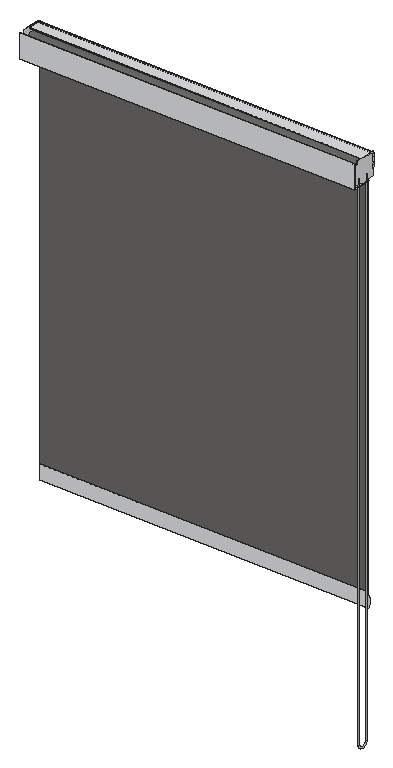
Revit family "Shades-Hunter_Douglas-RB500-Single_Heavy_Duty-Clutch-Bracket_Fascia-4in", category Specialty Equipment, Revit 2026
Family settings
  Round Connector Dimension = Use Diameter
  Part Type = Normal
  Classification Number = 23.30.60.14
  Work Plane-Based = No
  Enable Cutting in Views = No
  Always vertical = Yes
  Cut with Voids When Loaded = No
  Maintain Annotation Orientation = No
  Shared = No
  Room Calculation Point = No
Parameters (values of type "Clutch")
  URL = "https://www.hunterdouglasarchitectural.com/"
  Type Comments = "Block Out Shade"  # constant formula
  Model = "Heavy Duty Clutch 4IN Bracket Fascia"  # constant formula
  Manufacturer = "Hunter Douglas Architectural"  # constant formula
  Description = "Heavy Duty Roller Shade"  # constant formula
  Default Elevation = 0' - 0"
  CD_Width [instance] = 5' - 0"
  CD_Warranty = "https://assets.hunterdouglasarchitectural.com/documents/RB500/Lifetime_Guarantee_HDA.pdf?_rand=1465740819000"
  CD_Product Page URL = "https://www.hunterdouglasarchitectural.com/windowcoverings/rollershades/RB500/index.jsp"
  CD_Product Name = "RB 500 Roller Shade System"  # constant formula
  CD_Product Documentation Link = "https://www.hunterdouglasarchitectural.com/windowcoverings/rollershades/RB500/index.jsp#cadDrawing"
  CD_Opening Percentage [instance] = 25
  CD_Microsite = "https://microsite.caddetails.com/1669"
  CD_Install Documentation = "https://www.hunterdouglasarchitectural.com/windowcoverings/rollershades/RB500/index.jsp#installationPage"
  CD_Height Opening [instance] = ((CD_Height - CD_Bracket Height - 0' 1 101/256") * CD_Opening Percentage) / 100  # 1' - 10.55957"
  CD_Height [instance] = 8' - 0"
  CD_Finish Rail = Metal-Aluminum-Hunter_Douglas-Anodized
  CD_Finish Frame = Metal-Aluminum-Hunter_Douglas-Anodized
  CD_Finish = Fabric-Shade-Hunter_Douglas-5%-E_Screen-Charcoal_Cocoa
  CD_Fabric Sizing Disclaimer = "Designer to verify maximum fabric size with Manufacturer as the maximum fabric size is dependent on finished dimensions"  # constant formula
  CD_Bracket Height = 0' - 4 47/128"  # constant formula
  CD_Bracket Depth = 0' - 4 35/128"  # constant formula
  Assembly Code = "E2010300"
Reference planes (in)
  plane 1 "Center (Front/Back)": y = 0
  plane 2 "Bottom": z = 0
  plane 3 "Center (Left/Right)": x = 0
  plane 4 "Top": z = 96
  plane 5 "Left": x = -30
  plane 6 "Right": x = 30
  plane 7 "Back": y = 2.13672
  plane 8 "Front": y = -2.13672
  plane 9 "Opening": z = 22.55957
  plane 10 "Head Height": z = 91.63281
  plane 11 "Shade Left": x = -29.44922
  plane 12 "Shade Right": x = 29.44922
  plane 13 "Blind Location": y = 1.60373
  plane 14 "Center (Elevation)": z = 93.79897
Forms (in)
  Extrusion 1, solid, material "Metal-Aluminum-Hunter_Douglas-Anodized" <- "CD_Finish Frame", detail levels medium+fine
    sketch origin (0, 0, 0) x (0, 1, 0) y (0, 0, 1)
      loop
        line (1.98672, 95.61897) -> (1.98672, 93.40397) -> (2.13672, 93.40397) -> (2.13672, 95.61897)
        arc (2.13672, 95.61897) -> (2.04006, 95.85232) -> (1.80672, 95.94897) r 0.33
        line (1.80672, 95.94897) -> (-0.44247, 95.94897) -> (-0.44247, 95.79897) -> (1.80672, 95.79897)
        arc (1.80672, 95.79897) -> (1.934, 95.74625) -> (1.98672, 95.61897) r 0.18
    from -30 to 30
  Extrusion 2, solid, material "Metal-Aluminum-Hunter_Douglas-Anodized" <- "CD_Finish Frame", detail levels coarse
    sketch origin (0, 0, 0) x (0, 1, 0) y (0, 0, 1)
      loop
        line (2.13672, 91.63281) -> (2.13672, 96) -> (-2.13672, 96) -> (-2.13672, 91.63281) -> (2.13672, 91.63281)
    from -30 to 30
  Extrusion 3, solid, material "Fabric-Shade-Hunter_Douglas-5%-E_Screen-Charcoal_Cocoa" <- "CD_Finish"
    sketch origin (0, 0, 0) x (0, 1, 0) y (0, 0, 1)
      loop
        line (1.62122, 22.55957) -> (1.62122, 92.41406) -> (1.58623, 92.41406) -> (1.58623, 22.55957) -> (1.62122, 22.55957)
    from -29.44922 to 29.44922
  Extrusion 4, solid, material "Metal-Aluminum-Hunter_Douglas-Anodized" <- "CD_Finish Frame", detail levels medium+fine
    sketch origin (0, 0, 0) x (0, 1, 0) y (0, 0, 1)
      loop
        arc (0.92385, 91.63384) -> (0.96914, 91.65566) -> (0.98029, 91.70468) r 0.05791
        line (0.98029, 91.70468) -> (-2.06581, 91.70468) -> (-2.06581, 95.79206) -> (-2.13672, 95.79206) -> (-2.13672, 91.63384) -> (0.92385, 91.63384)
    from -30 to 30
  Extrusion 5, solid, material "Metal-Aluminum-Hunter_Douglas-Anodized" <- "CD_Finish Frame", detail levels medium+fine
    sketch origin (30, 0, 0) x (0, 0, 1) y (0, -1, 0)
      loop
        line (95.94897, -2.08672) -> (95.94897, 1.38351) -> (95.2798, 1.38351) -> (95.2798, 1.98828) -> (92.06157, 1.98828) -> (92.04397, 1.9578) -> (92.04397, 0.61328) -> (91.86397, 0.30078) -> (91.86397, -0.27422) -> (92.04397, -0.58672) -> (92.04397, -2.08672) -> (95.94897, -2.08672)
    from -0.125 to 0
  Extrusion 6, solid, material "Metal-Aluminum-Hunter_Douglas-Anodized" <- "CD_Finish Frame", detail levels medium+fine
    sketch origin (-30, 0, 0) x (0, 0, 1) y (0, -1, 0)
      loop
        line (95.94897, -2.08672) -> (95.94897, 1.38351) -> (95.2798, 1.38351) -> (95.2798, 1.98828) -> (92.06157, 1.98828) -> (92.04397, 1.9578) -> (92.04397, 0.61328) -> (91.86397, 0.30078) -> (91.86397, -0.27422) -> (92.04397, -0.58672) -> (92.04397, -2.08672) -> (95.94897, -2.08672)
    from 0 to 0.125
  Extrusion 7, solid, material "Metal-Aluminum-Hunter_Douglas-Anodized" <- "CD_Finish Rail", detail levels fine
    sketch origin (0, 0, 0) x (0, 1, 0) y (0, 0, 1)
      loop
        line (1.90451, 23.84109) -> (1.63672, 24.85966) -> (1.63672, 25.13923) -> (1.57422, 25.13923) -> (1.57422, 22.55957) -> (1.69789, 22.55957) -> (1.90345, 23.32858)
        arc (1.90345, 23.32858) -> (1.93737, 23.58477) -> (1.90451, 23.84109) r 1
    from -29.44922 to 29.44922
  Extrusion 8, solid, material "Fabric-Shade-Hunter_Douglas-5%-E_Screen-Charcoal_Cocoa" <- "CD_Finish"
    sketch origin (0, 0, 0) x (0, 1, 0) y (0, 0, 1)
      loop
        arc (1.62122, 94.02462) -> (-1.66075, 93.89036) -> (1.58623, 93.39394) r 1.65
        line (1.58623, 93.39394) -> (1.58623, 92.41406) -> (1.62122, 92.41406) -> (1.62122, 94.02462)
    from -29.44922 to 29.44922
  Sweep 9, solid, material "Metal-Aluminum-Hunter_Douglas-Anodized" <- "CD_Finish Frame", detail levels fine
    path origin (30, 0, 0) x (0, 0, 1) y (0, -1, 0)
      loop
        line (1.88349, -0.88635) -> (93.90463, -0.88635)
        arc (93.90463, -0.88635) -> (94.78958, -0.0014) -> (93.90463, 0.88356) r 0.88496
        line (93.90463, 0.88356) -> (1.88349, 0.88356)
        arc (1.88349, 0.88356) -> (0.99853, -0.0014) -> (1.88349, -0.88635) r 0.88496
    profile origin (30, 0.88635, 47.89406) x (0, -1, 0) y (1, 0, 0)
      loop
        circle (0, -0.26563) r 0.08594
Cuts and joins
  joined: Extrusion 3, Extrusion 8
Dimensions and locks (in)
  "CD_Height": plane 4 "Top" to plane 2 "Bottom"
  equal spacing: plane 5 "Left", plane 3 "Center (Left/Right)", plane 6 "Right"
  "CD_Width": plane 5 "Left" to plane 6 "Right"
  equal spacing: plane 8 "Front", plane 1 "Center (Front/Back)", plane 7 "Back"
  "CD_Bracket Depth": plane 8 "Front" to plane 7 "Back"
  locked: Extrusion 3 sketch curve to plane 10 "Head Height" at 0.78125
  Extrusion 3 sketch curve to plane 13 "Blind Location" to Extrusion 3 sketch curve = 0' - 0.01749" locked, 0' - 0.01749" locked
  locked: plane 5 "Left" to plane 11 "Shade Left" at 0.55078
  locked: plane 12 "Shade Right" to plane 6 "Right" at 0.55078
  "CD_Height Opening": plane 9 "Opening" to level
  "CD_Bracket Height": plane 4 "Top" to plane 10 "Head Height"
  locked: Extrusion 5 to plane 6 "Right" at 0.125
  locked: Extrusion 6 to plane 5 "Left" at 0.125
  Extrusion 7 sketch curve to Extrusion 7 sketch curve to Extrusion 7 sketch curve to Extrusion 7 sketch curve to plane 9 "Opening" to Extrusion 7 sketch curve = 0' - 0.27957" locked, 0' - 1.01857" locked, 0' - 0.51251" locked, 0' - 0.76901" locked, 0' - 0" locked
  Extrusion 7 sketch curve to Extrusion 7 sketch curve to Extrusion 7 sketch curve to Extrusion 7 sketch curve to Extrusion 7 sketch curve to plane 13 "Blind Location" to Extrusion 7 sketch curve = 0' - 0.03287" locked, 0' - 0.00105" locked, 0' - 0.20556" locked, 0' - 0.06117" locked, 0' - 0.03299" locked, 0' - 0.02951" locked
  Extrusion 8 sketch curve to Extrusion 8 sketch curve to Extrusion 8 sketch curve to plane 4 "Top" = 0' - 1.61056" locked, 0' - 1.42435" locked, 0' - 0.55103" locked
  plane 7 "Back" to Extrusion 8 sketch curve to Extrusion 8 sketch curve to Extrusion 8 sketch curve to Extrusion 8 sketch curve = 0' - 0.5155" locked, 0' - 0" locked, 0' - 0.03498" locked, 0' - 3.24951" locked
  locked: Sweep 9 sketch curve to profile plane at 0.17969
  locked: Sweep 9 sketch curve to profile plane at 0.08594
  Sweep 9 sketch curve to plane 1 "Center (Front/Back)" to Sweep 9 sketch curve = 0' - 0.88635" locked, 0' - 0.88356" locked
  locked: Sweep 9 sketch curve to level at 0.99853
  locked: plane 4 "Top" to Sweep 9 sketch curve at 1.21042
  locked: plane 4 "Top" to plane 14 "Center (Elevation)" at 2.20103
  aligned and locked: plane 2 "Bottom" to level
  aligned and locked: plane 4 "Top" to Extrusion 2 sketch curve
  aligned and locked: plane 8 "Front" to Extrusion 2 sketch curve
  aligned and locked: Extrusion 2 sketch curve to plane 7 "Back"
  aligned and locked: Extrusion 2 sketch curve to plane 10 "Head Height"
  aligned and locked: Extrusion 2 to plane 5 "Left"
  aligned and locked: plane 6 "Right" to Extrusion 2
  aligned and locked: Extrusion 3 to plane 11 "Shade Left"
  aligned and locked: plane 12 "Shade Right" to Extrusion 3
  aligned and locked: Extrusion 3 to plane 9 "Opening"
  aligned and locked: Extrusion 1 to plane 5 "Left"
  aligned and locked: plane 6 "Right" to Extrusion 1
  aligned and locked: Extrusion 4 to plane 5 "Left"
  aligned and locked: plane 6 "Right" to Extrusion 4
  aligned and locked: Extrusion 6 to plane 5 "Left"
  aligned and locked: Extrusion 3 to Extrusion 7
  aligned and locked: Extrusion 7 to Extrusion 3
  aligned and locked: Extrusion 8 to plane 11 "Shade Left"
  aligned and locked: plane 12 "Shade Right" to Extrusion 8
Automatic sketch dimensions
  plane 9 "Opening" to Extrusion 3 sketch curve = 0' - 0"
  Extrusion 1 sketch curve to Extrusion 1 sketch curve = 0' - 0"  (x2)
  Extrusion 1 sketch curve to plane 7 "Back" = 0' - 0"
  plane 7 "Back" to Extrusion 1 sketch curve = 0' - 0.15"
  Extrusion 1 sketch curve to plane 4 "Top" = 0' - 0.05103"
  Extrusion 1 sketch curve to plane 13 "Blind Location" = 0' - 0.20299"
  plane 1 "Center (Front/Back)" to Extrusion 1 sketch curve = 0' - 0.44247"
  plane 10 "Head Height" to Extrusion 1 sketch curve = 0' - 1.77116"
  Extrusion 4 sketch curve to plane 8 "Front" = 0' - 0"
  plane 10 "Head Height" to Extrusion 4 sketch curve = 0' - 0.00103"
  Extrusion 4 sketch curve to plane 4 "Top" = 0' - 0.20794"
  plane 13 "Blind Location" to Extrusion 4 sketch curve = 0' - 0.67988"
  Extrusion 4 sketch curve to plane 8 "Front" = 0' - 0.07091"
  Extrusion 4 sketch curve to Extrusion 4 sketch curve = 0' - 0.05791"
  Extrusion 4 sketch curve to Extrusion 4 sketch curve = 0' - 0.05644"
  plane 10 "Head Height" to Extrusion 6 sketch curve = 0' - 0.23116"
  Extrusion 6 sketch curve to Extrusion 6 sketch curve = 0' - 0.18"
  Extrusion 6 sketch curve to plane 8 "Front" = 0' - 0.17892"
  plane 10 "Head Height" to Extrusion 6 sketch curve = 0' - 0.41116"
  Extrusion 6 sketch curve to plane 8 "Front" = 0' - 0 19/128"
  Extrusion 6 sketch curve to Extrusion 6 sketch curve = 0' - 0.0176"
  Extrusion 6 sketch curve to plane 4 "Top" = 0' - 0.7202"
  Extrusion 6 sketch curve to plane 4 "Top" = 0' - 0.05103"
  Extrusion 6 sketch curve to plane 8 "Front" = 0' - 0.75321"
  plane 1 "Center (Front/Back)" to Extrusion 6 sketch curve = 0' - 0 157/256"
  plane 1 "Center (Front/Back)" to Extrusion 6 sketch curve = 0' - 0 77/256"
  Extrusion 6 sketch curve to plane 1 "Center (Front/Back)" = 0' - 0.27422"
  Extrusion 6 sketch curve to Extrusion 6 sketch curve = 0' - 0 5/16"
  plane 7 "Back" to Extrusion 6 sketch curve = 0' - 0.05"
  plane 10 "Head Height" to Extrusion 5 sketch curve = 0' - 0.23116"
  Extrusion 5 sketch curve to Extrusion 5 sketch curve = 0' - 0.18"
  Extrusion 5 sketch curve to plane 8 "Front" = 0' - 0.17892"
  plane 10 "Head Height" to Extrusion 5 sketch curve = 0' - 0.41116"
  Extrusion 5 sketch curve to plane 8 "Front" = 0' - 0 19/128"
  Extrusion 5 sketch curve to Extrusion 5 sketch curve = 0' - 0.0176"
  Extrusion 5 sketch curve to plane 4 "Top" = 0' - 0.7202"
  Extrusion 5 sketch curve to plane 4 "Top" = 0' - 0.05103"
  Extrusion 5 sketch curve to plane 8 "Front" = 0' - 0.75321"
  plane 1 "Center (Front/Back)" to Extrusion 5 sketch curve = 0' - 0 157/256"
  plane 1 "Center (Front/Back)" to Extrusion 5 sketch curve = 0' - 0 77/256"
  Extrusion 5 sketch curve to plane 1 "Center (Front/Back)" = 0' - 0.27422"
  Extrusion 5 sketch curve to Extrusion 5 sketch curve = 0' - 0 5/16"
  plane 7 "Back" to Extrusion 5 sketch curve = 0' - 0.05"
  Sweep 9 sketch curve to profile plane = 0' - 0"
